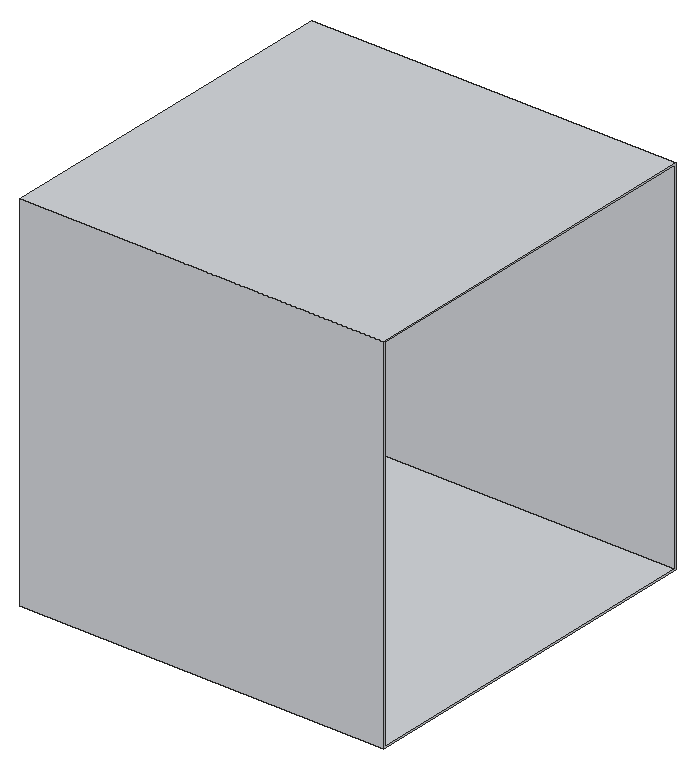
Revit family "Rectangular Wall Sleeve", category Duct Accessories, Revit 2021
Family settings
  Round Connector Dimension = Use Diameter
  Part Type = Breaks Into
  Work Plane-Based = No
  Always vertical = No
  Cut with Voids When Loaded = No
  Shared = No
Parameters (values of type "Rectangular Wall Sleeve")
  Width [instance] = 2' - 0"
  Metal Thickness [instance] = 0' - 0 15/256"  # constant formula
  Length [instance] = 2' - 0"
  Inside Width [instance] = Width - (Metal Thickness * 2)  # 1' - 11 113/128"
  Inside Depth [instance] = Height - (Metal Thickness * 2)  # 1' - 11 113/128"
  Height [instance] = 2' - 0"
  Fabrication Service Type = "Wall Opening"
  Fabrication Service Name [instance] = ""
  Fabrication Service Abbreviation [instance] = ""
  Default Elevation = 0' - 0"
  Center2 [instance] = Length / 2  # 1' - 0"
  Center [instance] = Height / 2  # 1' - 0"
Reference planes (in)
  plane 1 "Center (Front/Back)": y = 0
  plane 2: z = 0
  plane 3 "Center (Left/Right)": x = 0
  plane 4: x = 24
Forms (in)
  Extrusion 1, solid
    sketch origin (0, 0, 0) x (0, 0, 1) y (0, 1, 0)
      loop
        line (-12, 12) -> (-12, -12) -> (12, -12) -> (12, 12) -> (-12, 12)
    from -24 to 0
  Extrusion 2, void
    sketch origin (0, 0, 0) x (0, 1, 0) y (0, 0, 1)
      loop
        line (11.94141, 11.94141) -> (-11.94141, 11.94141) -> (-11.94141, -11.94141) -> (11.94141, -11.94141) -> (11.94141, 11.94141)
    from 0 to 24
Cuts and joins
  Extrusion 2 cuts Extrusion 1
Lines and regions (in)
  reference lines
    curve 1: line (0, 12, 12) -> (0, -12, 12)
    curve 2: line (0, 12, -12) -> (0, 12, 12)
    curve 3: line (0, -12, -12) -> (0, 12, -12)
    curve 4: line (0, -12, 12) -> (0, -12, -12)
    curve 5: line (0, 11.94141, 11.94141) -> (0, -11.94141, 11.94141)
    curve 6: line (0, 11.94141, -11.94141) -> (0, 11.94141, 11.94141)
    curve 7: line (0, -11.94141, -11.94141) -> (0, 11.94141, -11.94141)
    curve 8: line (0, -11.94141, 11.94141) -> (0, -11.94141, -11.94141)
    curve 9: line (0, 26.16736, 0) -> (0, -24.83264, 0)
    curve 10: line (12, 12, 0) -> (12, -12, 0)
    curve 11: line (0, 0, 0) -> (24, 0, 0)
    curve 12: line (24, 0, 12) -> (0, 0, 12)
    curve 13: line (24, 0, -12) -> (0, 0, -12)
Dimensions and locks (in)
  equal spacing: curve 2, plane 1 "Center (Front/Back)", curve 4
  "Width": curve 2 to curve 4
  equal spacing: curve 1, level, curve 3
  "Height": curve 3 to curve 1
  equal spacing: curve 6, plane 1 "Center (Front/Back)", curve 8
  "Inside Width": curve 6 to curve 8
  equal spacing: curve 7, level, curve 5
  "Inside Depth": curve 7 to curve 5
  "Center": curve 9 to curve 10
  "Center2": cut or joined group of Extrusion 1, Extrusion 2 to curve 11
  equal spacing: curve 13, level, curve 12
  "Height": curve 13 to curve 12
  "Height": curve 12 to curve 12
  "Height": curve 13 to curve 13
  "Length": plane 3 "Center (Left/Right)" to plane 4
  aligned and locked: plane 2 to level
  aligned and locked: cut or joined group of Extrusion 1, Extrusion 2 to curve 2
  aligned and locked: cut or joined group of Extrusion 1, Extrusion 2 to curve 1
  aligned and locked: cut or joined group of Extrusion 1, Extrusion 2 to curve 4
  aligned and locked: cut or joined group of Extrusion 1, Extrusion 2 to curve 3
  aligned and locked: cut or joined group of Extrusion 1, Extrusion 2 to curve 6
  aligned and locked: cut or joined group of Extrusion 1, Extrusion 2 to curve 5
  aligned and locked: cut or joined group of Extrusion 1, Extrusion 2 to curve 8
  aligned and locked: cut or joined group of Extrusion 1, Extrusion 2 to curve 7
  aligned and locked: curve 9 to plane 3 "Center (Left/Right)"
  aligned and locked: cut or joined group of Extrusion 1, Extrusion 2 to curve 10  (x2)
  aligned and locked: curve 9 to curve 11
  aligned and locked: curve 12 to cut or joined group of Extrusion 1, Extrusion 2
  aligned and locked: cut or joined group of Extrusion 1, Extrusion 2 to curve 13
  aligned and locked: cut or joined group of Extrusion 1, Extrusion 2 to plane 4
  aligned and locked: plane 4 to cut or joined group of Extrusion 1, Extrusion 2
Automatic sketch dimensions
  Extrusion 1 sketch curve to level = 1' - 0"
  level to Extrusion 1 sketch curve = 1' - 0"
  plane 1 "Center (Front/Back)" to Extrusion 1 sketch curve = 1' - 0"
  Extrusion 1 sketch curve to plane 1 "Center (Front/Back)" = 1' - 0"
  plane 1 "Center (Front/Back)" to Extrusion 2 sketch curve = 0' - 11 241/256"
  Extrusion 2 sketch curve to plane 1 "Center (Front/Back)" = 0' - 11 241/256"
  Extrusion 2 sketch curve to level = 0' - 11 241/256"
  level to Extrusion 2 sketch curve = 0' - 11 241/256"
  curve 12 to plane 3 "Center (Left/Right)" = 0' - 0"
  curve 13 to plane 3 "Center (Left/Right)" = 0' - 0"
  plane 1 "Center (Front/Back)" to curve 11 = 0' - 0"
  plane 1 "Center (Front/Back)" to curve 10 = 1' - 0"
  curve 9 to curve 10 = 1' - 0.83264"
  curve 10 to plane 1 "Center (Front/Back)" = 1' - 0"
  curve 10 to curve 9 = 1' - 2.16736"
  curve 10 to curve 11 = 1' - 0"
